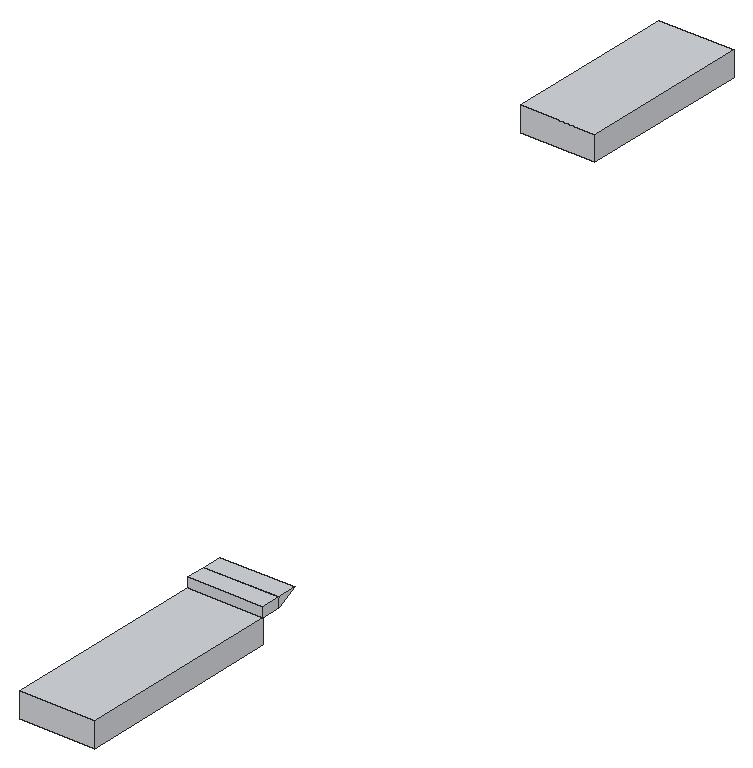
Revit family
Parameters
  rampa = 668.4169 cm
  interpiano = 402.7359 cm
  hsolaio = 40 cm
Reference planes (cm)
  plane 1 "Centro (Fronte/Retro)": y = 0
  plane 2: z = 0
  plane 3 "Centro (Sinistra/Destra)": x = 0
  plane 4: z = 15.5943
  plane 5: z = 55.5943
  plane 6: z = 418.3301
  plane 7: z = 458.3301
  plane 8: y = 668.4169
Forms (cm)
  Extrusion 1, solid
    sketch origin (0, 0, 0) x (0, 1, 0) y (0, 0, 1)
      loop
        line (0, 15.5943) -> (0, 55.5943) -> (-338.2911, 55.5943) -> (-338.2911, 15.5943) -> (0, 15.5943)
    from 32 to 152
  Extrusion 2, solid
    sketch origin (0, 140.3586, 0) x (0, 1, 0) y (0, 0, 1)
      loop
        line (528.0583, 458.3301) -> (528.0583, 418.3301) -> (806.2438, 418.3301) -> (806.2438, 458.3301) -> (528.0583, 458.3301)
    from 32 to 152
Dimensions and locks (cm)
  "hsolaio": plane 5 to plane 4
  "hsolaio": plane 7 to plane 6
  "rampa": plane 1 "Centro (Fronte/Retro)" to plane 8
  "interpiano": plane 7 to Extrusion 1
  aligned and locked: level to plane 2
  aligned and locked: plane 5 to Extrusion 1
  aligned and locked: Extrusion 1 to plane 4
  aligned and locked: Extrusion 1 to plane 1 "Centro (Fronte/Retro)"
  aligned and locked: plane 7 to Extrusion 2
  aligned and locked: Extrusion 2 to plane 6
  aligned and locked: Extrusion 2 to plane 8
Automatic sketch dimensions
  plane 4 to Extrusion 1 sketch curve = 0 cm
  plane 1 "Centro (Fronte/Retro)" to Extrusion 1 sketch curve = 338.2911 cm
  Extrusion 1 sketch curve to plane 5 = 0 cm
  plane 1 "Centro (Fronte/Retro)" to Extrusion 1 sketch curve = 0 cm
  plane 6 to Extrusion 2 sketch curve = 0 cm
  Extrusion 2 sketch curve to plane 1 "Centro (Fronte/Retro)" = 668.4169 cm
  Extrusion 2 sketch curve to Extrusion 2 sketch curve = 278.1855 cm
  Extrusion 2 sketch curve to plane 7 = 0 cm
Nested families (cm)
  nested 1: "gradino" at (32, 32, 23.8195), type "gradino"
    with pedata 32 cm, angolo 26.5651°, alzata 16 cm
Definition of nested family "gradino"
  Parameters (values of type "gradino")
    pedata [instance] = 64 cm - (2 * alzata)  # 32 cm
    larghezza = 120 cm
    angolo [instance] = 26.5651°
    alzata [instance] = 16 cm
  Reference planes (cm)
    plane 1 "Centro (Fronte/Retro)": y = 0
    plane 2: z = 0
    plane 3 "Centro (Sinistra/Destra)": x = 0
    plane 4: z = 47.7748
    plane 5: z = 31.7748
    plane 6: y = -32
    plane 7: x = 120
    plane 8: y = 32
  Forms (cm)
    Extrusion 1, solid
      sketch origin (0, 0, 0) x (0, 1, 0) y (0, 0, 1)
        loop
          line (-32, 47.7748) -> (-32, 31.7748) -> (0, 31.7748) -> (0, 47.7748) -> (-32, 47.7748)
      from 0 to 120
    Extrusion 2, solid
      sketch origin (0, 0, 0) x (0, 1, 0) y (0, 0, 1)
        loop
          line (0, 47.7748) -> (0, 31.7748) -> (32, 47.7748) -> (0, 47.7748)
      from 0 to 120
  Dimensions and locks (cm)
    "alzata": plane 4 to plane 5
    "pedata": plane 6 to plane 1 "Centro (Fronte/Retro)"
    "larghezza": plane 3 "Centro (Sinistra/Destra)" to plane 7
    "pedata": plane 1 "Centro (Fronte/Retro)" to plane 8
    aligned and locked: level to plane 2
    aligned and locked: plane 4 to Extrusion 1
    aligned and locked: Extrusion 1 to plane 1 "Centro (Fronte/Retro)"
    aligned and locked: Extrusion 1 to plane 5
    aligned and locked: Extrusion 1 to plane 6
    aligned and locked: Extrusion 1 to plane 7
    aligned and locked: Extrusion 2 to plane 7
  Automatic sketch dimensions
    plane 6 to Extrusion 1 sketch curve = 0 cm
    plane 1 "Centro (Fronte/Retro)" to Extrusion 1 sketch curve = 0 cm
    plane 5 to Extrusion 1 sketch curve = 0 cm
    Extrusion 1 sketch curve to plane 4 = 0 cm
    Extrusion 2 sketch curve to plane 1 "Centro (Fronte/Retro)" = 0 cm
    Extrusion 2 sketch curve to plane 4 = 0 cm
    Extrusion 2 sketch curve to plane 8 = 0 cm
    Extrusion 2 sketch curve to plane 5 = 0 cm
